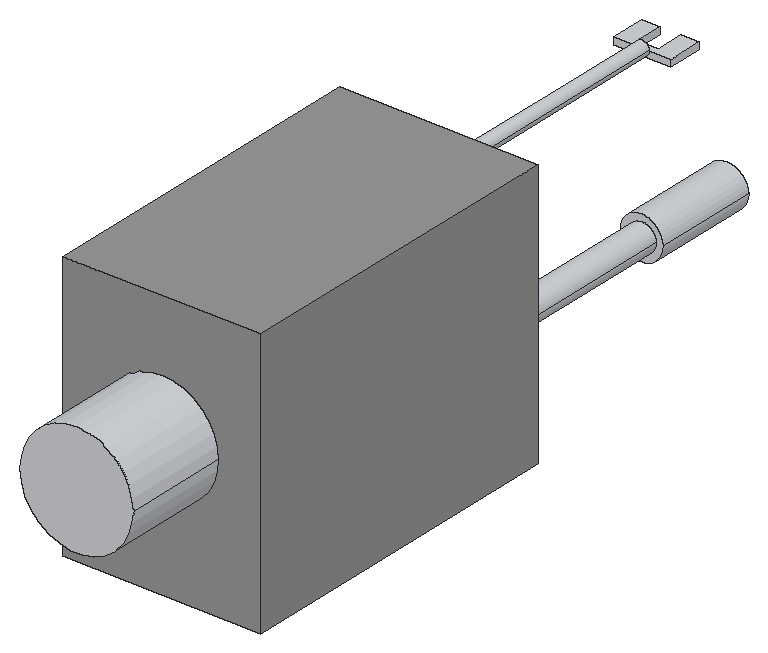
Revit family "Feinschutz für 10Base2_10Base5_Netzwerke", category Generic Models, Revit 2015
Parameters (values of type "KOAX B-E2 MF-F")
  Width = 28 mm
  URL = "http://www.obo-bettermann.com"
  Material = Aluminum
  Manufacturer Art.No. = "5082432"
  Manufacturer = "OBO Bettermann"
  Length 1 = 115 mm
  Length = 64 mm
  Height = 38 mm
  GTIN = "4012196415724"
  Article Type = "KOAX B-E2 MF-F"
Reference planes
  plane 1 "Center (Front/Back)": y = 0
  plane 2: z = 0
  plane 3 "Center (Left/Right)": x = 0
  plane 4: y = 64
  plane 5: y = 115
  plane 6: y = 15
  plane 7: y = 100
  plane 8: z = 31
  plane 9: z = 32
Forms (mm)
  Extrusion 1, solid, material "Aluminum" <- "Material"
    sketch origin (0, 0, 0) x (1, 0, 0) y (0, 0, 1)
      loop
        line (-14, 0) -> (14, 0) -> (14, 38) -> (-14, 38) -> (-14, 0)
    from -15 to -64
  Extrusion 2, solid
    sketch origin (0, 0, 0) x (1, 0, 0) y (0, 0, 1)
      loop
        circle (0, 8) r 2
    from -100 to -64
  Extrusion 3, solid
    sketch origin (0, 0, 0) x (1, 0, 0) y (0, 0, 1)
      loop
        circle (0, 31.995) r 1
    from -100 to -64
  Extrusion 4, solid
    sketch origin (0, 0, 0) x (1, 0, 0) y (0, 1, 0)
      loop
        line (4, 100) -> (4, 105) -> (1.5, 105) -> (1.5, 101) -> (-1.5, 101) -> (-1.5, 105) -> (-4, 105) -> (-4, 100) -> (4, 100)
    from 31 to 32
  Extrusion 5, solid
    sketch origin (0, 0, 0) x (1, 0, 0) y (0, 0, 1)
      loop
        circle (0, 7.971) r 3.035
    from -115 to -100
  Extrusion 6, solid
    sketch origin (0, 0, 0) x (1, 0, 0) y (0, 0, 1)
      loop
        circle (0, 19.903) r 8
    from -15 to 0
Dimensions and locks
  "Height": Extrusion 1 sketch curve to Extrusion 1 sketch curve
  "Width": Extrusion 1 sketch curve to Extrusion 1 sketch curve
  equal spacing: Extrusion 1 sketch curve, plane 3 "Center (Left/Right)", Extrusion 1 sketch curve, locked at 14 each
  "Length": plane 1 "Center (Front/Back)" to plane 4
  "Length 1": plane 5 to plane 1 "Center (Front/Back)"
  locked: plane 6 to plane 1 "Center (Front/Back)" at 15
  locked: plane 5 to plane 7 at 15
  locked: Extrusion 4 sketch curve to Extrusion 3 at 1
  locked: Extrusion 4 sketch curve to Extrusion 4 sketch curve at 3
  equal spacing: Extrusion 4 sketch curve, plane 3 "Center (Left/Right)", Extrusion 4 sketch curve, locked at 1.5 each
  locked: Extrusion 4 sketch curve to Extrusion 4 sketch curve at 8
  equal spacing: Extrusion 4 sketch curve, plane 3 "Center (Left/Right)", Extrusion 4 sketch curve, locked at 4 each
  locked: Extrusion 4 sketch curve to plane 7 at 5
  locked: plane 8 to level at 31
  locked: plane 8 to plane 9 at 1
  radius of Extrusion 2 sketch curve = 2 mm
  radius of Extrusion 3 sketch curve = 1 mm
  diameter of Extrusion 5 sketch curve = 6.07 mm
  diameter of Extrusion 6 sketch curve = 16 mm
  aligned and locked: level to plane 2
  aligned and locked: Extrusion 1 sketch curve to level
  aligned and locked: plane 4 to Extrusion 1
  aligned and locked: plane 7 to Extrusion 2
  aligned and locked: Extrusion 2 to plane 4
  aligned and locked: Extrusion 2 to Extrusion 3
  aligned and locked: Extrusion 3 to plane 4
  aligned and locked: plane 7 to Extrusion 4 sketch curve
  aligned and locked: plane 8 to Extrusion 4
  aligned and locked: Extrusion 4 sketch curve to Extrusion 4 sketch curve
  aligned and locked: plane 5 to Extrusion 5
  aligned and locked: Extrusion 5 to Extrusion 2
  aligned and locked: plane 6 to Extrusion 1
  aligned and locked: Extrusion 6 to Extrusion 1
  aligned and locked: plane 1 "Center (Front/Back)" to Extrusion 6
Automatic sketch dimensions
  Extrusion 2 sketch curve to plane 3 "Center (Left/Right)" = 0 mm
  Extrusion 3 sketch curve to plane 3 "Center (Left/Right)" = 0 mm
  Extrusion 5 sketch curve to plane 3 "Center (Left/Right)" = 0 mm
  level to Extrusion 5 sketch curve = 7.971 mm
  level to Extrusion 2 sketch curve = 8 mm
  Extrusion 3 sketch curve to plane 9 = 0.005 mm
  Extrusion 6 sketch curve to plane 3 "Center (Left/Right)" = 0 mm
  plane 8 to Extrusion 6 sketch curve = 11.097 mm
